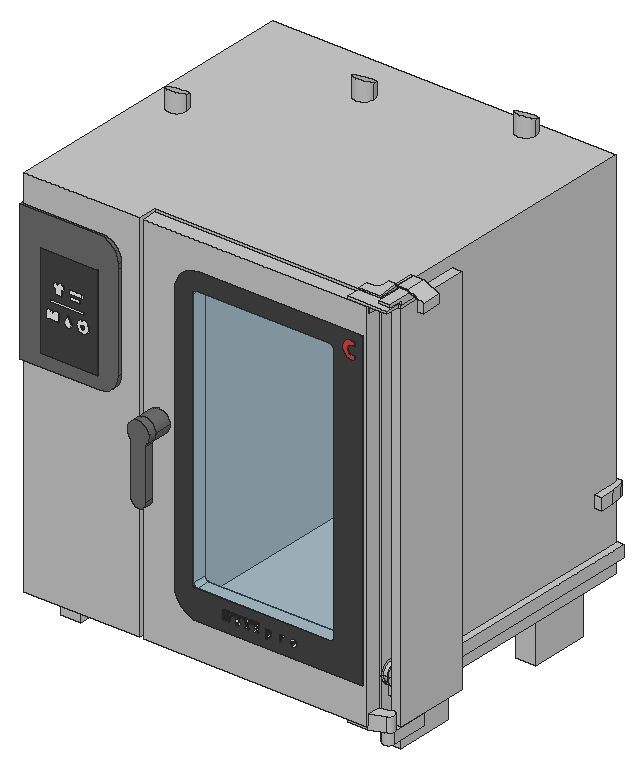
Revit family "QF_WELBILT-CONVOTHERM_CMX-PRO-ET-10-10-GS.240704053850", category Specialty Equipment, Revit 2020
Family settings
  Round Connector Dimension = Use Diameter
  Part Type = Normal
  OmniClass Number = 23.40.40.14
  OmniClass Title = Food Service Equipment
  Work Plane-Based = No
  Always vertical = Yes
  Cut with Voids When Loaded = No
  Shared = No
  Room Calculation Point = No
Parameters (values of type "CMX-PRO-ET-10-10-GS-DD_230V/1Ph/50Hz")
  Weight = 139.00 kg
  Waste Remarks [instance] = ""
  Volts = 230 V
  URL Cutsheet = ""
  URL = "www.convotherm.com"
  Status [instance] = ""
  Specification by User [instance] = ""
  Specification by Manufacturer [instance] = ""
  Serial Number = ""
  Seismic Rating = ""
  SMACNA No = ""
  Revision Code [instance] = ""
  Phase = 1
  Number of Poles = 1
  Nominal Gas power = 21000 W
  NAFEM Spec ID Number = ""
  Model = "CMX-PRO-ET-10-10-GS"
  Min Ckt Ampacity = 0 A
  Mechanical Connection Type [instance] = ""
  Max Overcurrent Protection = 0 A
  Masterspec = ""
  Manufacturer = "WELBILT-CONVOTHERM"
  Length Actual = 875 mm
  Item Number [instance] = ""
  Installed By [instance] = ""
  Indirect Waste Size = 50.8 mm
  Indirect Waste Connection Type [instance] = ""
  Indirect Waste Connection Height [instance] = 0 mm
  Identify Quantity as Lot [instance] = no
  Height Actual = 958 mm
  HP power = ""
  Gas power kW = 21
  Gas Size Flexible = 0 mm
  Gas Size = 19.05 mm
  Gas RI Height [instance] = 0 mm
  Gas Flow = 0.0 L/s
  Gas Connection Height [instance] = 0 mm
  Furnished By [instance] = ""
  Foodservice Equipment Identifier [instance] = no
  Filtered Water Supply Size = 19.05 mm
  Filtered Water RI Height [instance] = 0 mm
  Filtered Water Flow = 0.0 L/s
  Filtered Water Connection Height [instance] = 0 mm
  FL Amps = 2.3 A
  Electric power = 600 W
  Electric Connection Type [instance] = ""
  Elec Conn RI Height [instance] = 0 mm
  Elec Conn Connection Height [instance] = 0 mm
  Direct Waste RI Height [instance] = 0 mm
  Description = "COMBI OVEN MAXX PRO EASYTOUCH 10+1 SHELVES GN 1/1 - DISAPPEARING DOOR - GAS INJECTION"
  Depth Actual = 792 mm
  Default Elevation = 0 mm
  Cycle = 50 Hz
  Cost = 0
  Conn Plug = ""
  Conn Conduit = no
  Cold Water Temperature Recommended = 0 °C
  Cold Water Size = 19.05 mm
  Cold Water Flow = 0.0 L/s
  Cold Water Connection Height [instance] = 0 mm
  CSI MasterFormat = ""
  Apparent Power = 600 VA
  Accessory = no
Reference planes
  plane 1 "Center (Front/Back)": y = 0
  plane 2: z = 0
  plane 3 "Center (Left/Right)": x = 0
Forms (mm)
  Extrusion 1, solid, not visible
    sketch origin (114, -542, 102) x (1, 0, 0) y (0, 1, 0)
      loop
        line (0, 0) -> (2, 0) -> (2, 2) -> (0, 2) -> (0, 0)
    from 0 to 2
  Extrusion 2, solid, not visible
    sketch origin (509, -305, 102) x (1, 0, 0) y (0, 1, 0)
      loop
        line (0, 0) -> (2, 0) -> (2, 2) -> (0, 2) -> (0, 0)
    from 0 to 2
  Extrusion 3, solid, not visible
    sketch origin (69, -367, 102) x (1, 0, 0) y (0, 1, 0)
      loop
        line (0, 0) -> (2, 0) -> (2, 2) -> (0, 2) -> (0, 0)
    from 0 to 2
  Extrusion 4, solid, not visible
    sketch origin (69, -292, 102) x (1, 0, 0) y (0, 1, 0)
      loop
        line (0, 0) -> (2, 0) -> (2, 2) -> (0, 2) -> (0, 0)
    from 0 to 2
  Extrusion 5, solid, not visible
    sketch origin (154, -469, 102) x (1, 0, 0) y (0, 1, 0)
      loop
        line (0, 0) -> (2, 0) -> (2, 2) -> (0, 2) -> (0, 0)
    from 0 to 2
Dimensions and locks
  aligned and locked: level to plane 2
Nested families
  nested 1: "QF_WELBILT-CONVOTHERM_CMX-PRO-ET-10-10-GS-DD_230V_1Ph_50Hz" at (0, 0, 100), type "CMX-PRO-ET-10-10-GS-DD_230V/1Ph/50Hz"
    with Show Logo yes, Show Clearance yes
  nested 2: "QF_WELBILT-CONVOTHERM_LEGS-10-10" at (0, 0, 0), type "LEGS-10-10"
    with Show Logo yes, Show Clearance yes
Connectors
  electrical at (115, -541, 102), driven by "Apparent Power", driven by "Number of Poles", driven by "Volts"
    settings: on Extrusion 1, index 1, voltage 230 V, apparent load 0 VA, apparent load phase1 600 VA, apparent load phase2 0 VA, apparent load phase3 0 VA, power factor 1, load classification "Other", number of poles 1, system type 31, power factor state 1, is connector primary yes, connector utility no, sub classification motor no, connector description "Electric connection for 'CMX-PRO-ET-10-10-GS'"
  piping at (510, -304, 102), diameter 50.8, driven by "Indirect Waste Size"
    settings: on Extrusion 2, index 2, connector inside diameter 609.6 mm, connector length 0 mm, flow factor 0, pipe flow 0.0 L/s, pressure drop 0.0 Pa, fitting loss kfactor 0, connector angle 0.00°, fixture units 0, engagement length 0 mm, angle of deflection 0.00°, flow configuration 1, flow direction 2, fitting loss method 0, system type 16, joint type 0, gender type 0, connector reference index -1, connector utility 0, adjustable connector no, is connector primary yes, connector description "Drain connection for 'CMX-PRO-ET-10-10-GS'"
  piping at (70, -366, 102), diameter 19.05, driven by "Filtered Water Supply Size", driven by "Filtered Water Flow"
    settings: on Extrusion 3, index 3, connector inside diameter 609.6 mm, connector length 0 mm, flow factor 0, pipe flow 0.0 L/s, pressure drop 0.0 Pa, fitting loss kfactor 0, connector angle 0.00°, fixture units 0, engagement length 0 mm, angle of deflection 0.00°, flow configuration 1, flow direction 1, fitting loss method 0, system type 20, joint type 0, gender type 0, connector reference index -1, connector utility 0, adjustable connector no, is connector primary no, connector description "Cold Soft Water connection for 'CMX-PRO-ET-10-10-GS'"
  piping at (70, -291, 102), diameter 19.05, driven by "Cold Water Size", driven by "Cold Water Flow"
    settings: on Extrusion 4, index 4, connector inside diameter 609.6 mm, connector length 0 mm, flow factor 0, pipe flow 0.0 L/s, pressure drop 0.0 Pa, fitting loss kfactor 0, connector angle 0.00°, fixture units 0, engagement length 0 mm, angle of deflection 0.00°, flow configuration 1, flow direction 1, fitting loss method 0, system type 20, joint type 0, gender type 0, connector reference index -1, connector utility 0, adjustable connector no, is connector primary no, connector description "Cold Water connection for 'CMX-PRO-ET-10-10-GS'"
  piping at (155, -468, 102), diameter 19.05, driven by "Gas Size", driven by "Gas Flow"
    settings: on Extrusion 5, index 5, connector inside diameter 609.6 mm, connector length 0 mm, flow factor 0, pipe flow 0.0 L/s, pressure drop 0.0 Pa, fitting loss kfactor 0, connector angle 0.00°, fixture units 0, engagement length 0 mm, angle of deflection 0.00°, flow configuration 1, flow direction 1, fitting loss method 0, system type 22, joint type 0, gender type 0, connector reference index -1, connector utility 0, adjustable connector no, is connector primary no, connector description "Gas connection for 'CMX-PRO-ET-10-10-GS'"
Definition of nested family "QF_WELBILT-CONVOTHERM_CMX-PRO-ET-10-10-GS-DD_230V_1Ph_50Hz"
  Parameters (values of type "CMX-PRO-ET-10-10-GS-DD_230V/1Ph/50Hz")
    URL = "www.convotherm.com"
    Show Logo [instance] = yes
    Show Clearance [instance] = yes
    Model = "CMX-PRO-ET-10-10-GS"
    Manufacturer = "WELBILT-CONVOTHERM"
    Description = "COMBI OVEN MAXX PRO EASYTOUCH 10+1 SHELVES GN 1/1 - DISAPPEARING DOOR - GAS INJECTION"
    Default Elevation = 0 mm
    Assembly Code = "E1090320"
  Reference planes
    plane 1 "Back": y = 0
    plane 2: z = 0
    plane 3 "Left": x = 0
    plane 4 "Right": x = 875
    plane 5 "Front": y = -792
    plane 6 "Top": z = 958
  Forms (mm)
    Extrusion 1, solid
      sketch origin (0, 0, -126) x (0, 1, 0) y (0, 0, 1)
        loop
          line (0, 1084) -> (-69, 1084) -> (-69, 126) -> (0, 126) -> (0, 1084)
      from 0 to 875
    Extrusion 2, solid
      sketch origin (361, -205, -79.839) x (1, 0, 0) y (0, 0, 1)
        loop
          line (-56, 1037.839) -> (-56, 79.839) -> (514, 79.839) -> (514, 1037.839) -> (-56, 1037.839)
        loop
          arc (79, 921.839) -> (71.929, 918.91) -> (69, 911.839) r 10
          line (69, 911.839) -> (69, 251.839)
          arc (69, 251.839) -> (71.929, 244.768) -> (79, 241.839) r 10
          line (79, 241.839) -> (419, 241.839)
          arc (419, 241.839) -> (426.071, 244.768) -> (429, 251.839) r 10
          line (429, 251.839) -> (429, 911.839)
          arc (429, 911.839) -> (426.071, 918.91) -> (419, 921.839) r 10
          line (419, 921.839) -> (79, 921.839)
      from 550 to 587
    Extrusion 3, solid
      sketch origin (361, -195, -79.839) x (1, 0, 0) y (0, 0, 1)
        loop
          arc (79, 921.839) -> (71.929, 918.91) -> (69, 911.839) r 10
          line (69, 911.839) -> (69, 251.839)
          arc (69, 251.839) -> (71.929, 244.768) -> (79, 241.839) r 10
          line (79, 241.839) -> (419, 241.839)
          arc (419, 241.839) -> (426.071, 244.768) -> (429, 251.839) r 10
          line (429, 251.839) -> (429, 911.839)
          arc (429, 911.839) -> (426.071, 918.91) -> (419, 921.839) r 10
          line (419, 921.839) -> (79, 921.839)
      from 560 to 597
    Extrusion 4, solid
      sketch origin (588.754, 249.947, 323.45) x (1, 0, 0) y (0, 1, 0)
        loop
          circle (88.246, -288.147) r 25
      from 634.55 to 684.55
    Extrusion 5, solid, visible <- "Show Logo"
      sketch origin (348.278, -191.7, 413.31) x (1, 0, 0) y (0, 0, 1)
        loop
          line (496.472, 442.836) -> (496.472, 452.836)
          arc (496.472, 452.836) -> (465.307, 432.836) -> (496.472, 412.836) r 22
          line (496.472, 412.836) -> (496.472, 422.836)
          arc (496.472, 422.836) -> (477.839, 432.836) -> (496.472, 442.836) r 12
      from 599 to 601
    Extrusion 6, void
      sketch origin (545, 27.8, 331) x (0, 1, 0) y (0, 0, 1)
        loop
          line (-40.997, 682) -> (-101.661, 682) -> (-40.997, 653.55) -> (-40.997, 682)
      from 106.55 to 160
    Extrusion 7, solid
      sketch origin (0, -794, -100) x (-1, 0, 0) y (0, 0, 1)
        loop
          line (0, 1058) -> (-295, 1058) -> (-295, 100) -> (0, 100) -> (0, 1058)
      from 2 to 49
    Extrusion 8, solid
      sketch origin (0, -792.5, -100) x (-1, 0, 0) y (0, 0, 1)
        loop
          line (-863, 987.8) -> (-863, 188.2) -> (-446.2, 188.2)
          arc (-446.2, 188.2) -> (-402.359, 206.359) -> (-384.2, 250.2) r 62
          line (-384.2, 250.2) -> (-384.2, 925.753)
          arc (-384.2, 925.753) -> (-402.373, 969.627) -> (-446.247, 987.8) r 62.047
          line (-446.247, 987.8) -> (-863, 987.8)
        loop
          arc (-780, 942) -> (-787.071, 939.071) -> (-790, 932) r 10
          line (-790, 932) -> (-790, 272)
          arc (-790, 272) -> (-787.071, 264.929) -> (-780, 262) r 10
          line (-780, 262) -> (-440, 262)
          arc (-440, 262) -> (-432.929, 264.929) -> (-430, 272) r 10
          line (-430, 272) -> (-430, 932)
          arc (-430, 932) -> (-432.929, 939.071) -> (-440, 942) r 10
          line (-440, 942) -> (-780, 942)
      from 0 to 2
    Extrusion 9, solid
      sketch origin (-428.638, -218.526, 400.029) x (0, 0, 1) y (-1, 0, 0)
        loop
          line (406.44, -478.638) -> (166.44, -478.638) -> (166.44, -623.042) -> (406.44, -623.042) -> (406.44, -478.638)
      from 580.124 to 582.124
    Extrusion 10, solid
      sketch origin (-39.218, -798.85, -1159.646) x (0, 0, -1) y (1, 0, 0)
        loop
          circle (-1823.457, 196.933) r 15
        loop
          circle (-1823.457, 196.933) r 5
        loop
          line (-1832, 105.461) -> (-1812, 105.461)
          arc (-1812, 105.461) -> (-1814.476, 112.961) -> (-1812, 120.461) r 12.599
          arc (-1812, 120.461) -> (-1814.331, 127.961) -> (-1812, 135.461) r 13.23
          line (-1812, 135.461) -> (-1832, 135.461)
          arc (-1832, 135.461) -> (-1833.917, 127.433) -> (-1829.5, 120.461) r 10.608
          arc (-1829.5, 120.461) -> (-1833.694, 113.452) -> (-1832, 105.461) r 11.176
        loop
          line (-1886.763, 126.478) -> (-1874.888, 126.478) -> (-1874.888, 143.353) -> (-1886.763, 143.353)
          arc (-1886.763, 143.353) -> (-1899.276, 145.695) -> (-1897.911, 133.038) r 7.931
          arc (-1897.911, 133.038) -> (-1896.65, 122.428) -> (-1886.763, 126.478) r 6.712
        loop
          line (-1897.084, 162.209) -> (-1887.084, 162.209) -> (-1887.084, 194.695) -> (-1897.084, 194.695) -> (-1897.084, 162.209)
        loop
          line (-1881.943, 166.339) -> (-1874.888, 166.339) -> (-1874.888, 189.464) -> (-1881.943, 189.464) -> (-1881.943, 166.339)
        loop
          line (-1857.166, 113.206) -> (-1852.166, 113.206) -> (-1852.166, 198.206) -> (-1857.166, 198.206) -> (-1857.166, 113.206)
        loop
          line (-1837.069, 158.906) -> (-1821.106, 151.462)
          arc (-1821.106, 151.462) -> (-1809.423, 158.906) -> (-1821.106, 166.349) r 8.213
          line (-1821.106, 166.349) -> (-1837.069, 158.906)
      from 0 to 2
    Extrusion 11, solid
      sketch origin (-16.246, -106.853, 323.45) x (1, 0, 0) y (0, 1, 0)
        loop
          circle (88.246, -288.147) r 25
      from 634.55 to 684.55
    Extrusion 12, void
      sketch origin (-60, -329, 331) x (0, 1, 0) y (0, 0, 1)
        loop
          line (-40.997, 682) -> (-101.661, 682) -> (-40.997, 653.55) -> (-40.997, 682)
      from 106.55 to 160
    Extrusion 13, solid, visible <- "Show Clearance", detail levels coarse
      sketch origin (-1, 2, -100) x (1, 0, 0) y (0, 1, 0)
        loop
          line (876, -794) -> (306, -794)
          arc (306, -794) -> (457.397, -1182.965) -> (833, -1365) r 571
          line (833, -1365) -> (876, -1365) -> (876, -794)
      from 100 to 1058
    Extrusion 14, solid, visible <- "Show Clearance", detail levels coarse
      sketch origin (0, 0, 798.837) x (1, 0, 0) y (0, 1, 0)
        loop
          line (925, 50) -> (-50, 50) -> (-50, -792) -> (0, -792) -> (0, 0) -> (875, 0) -> (875, -792) -> (925, -792) -> (925, 50)
      from -798.837 to 159.163
    Extrusion 15, solid
      sketch origin (334.711, -227, 222.4) x (1, 0, 0) y (0, 0, 1)
        loop
          arc (-10.176, 136.991) -> (9.289, 117.635) -> (28.753, 136.991) r 19.465
          line (28.753, 136.991) -> (28.753, 265.447)
          arc (28.753, 265.447) -> (29.337, 268.813) -> (31.019, 271.786) r 9.998
          arc (31.019, 271.786) -> (9.289, 317.699) -> (-12.442, 271.786) r 28.099
          arc (-12.442, 271.786) -> (-10.759, 268.813) -> (-10.176, 265.447) r 9.998
          line (-10.176, 265.447) -> (-10.176, 136.991)
      from 611 to 630
    Extrusion 16, solid
      sketch origin (309.711, -200, 219.109) x (1, 0, 0) y (0, 0, 1)
        loop
          circle (34.289, 292.891) r 28.099
      from 592 to 638
    Extrusion 17, solid
      sketch origin (0, -794.2, 196) x (-1, 0, 0) y (0, 0, 1)
        loop
          line (4, 692) -> (-199.45, 692)
          arc (-199.45, 692) -> (-233.073, 678.073) -> (-247, 644.45) r 47.55
          line (-247, 644.45) -> (-247, 632) -> (-247, 386.55)
          arc (-247, 386.55) -> (-233.073, 352.927) -> (-199.45, 339) r 47.55
          line (-199.45, 339) -> (4, 339) -> (4, 692)
      from -5.45 to 30.55
    Extrusion 18, solid, visible <- "Show Logo"
      sketch origin (-20, -793, 0) x (-1, 0, 0) y (0, 0, 1)
        loop
          line (-528.137, 127.552) -> (-530.011, 127.552) -> (-530.348, 126.074)
          arc (-530.348, 126.074) -> (-533.867, 127.761) -> (-537.387, 126.074) r 4.515
          arc (-537.387, 126.074) -> (-541.947, 127.505) -> (-544.743, 123.629) r 4.084
          line (-544.743, 123.629) -> (-544.743, 116.284) -> (-542.349, 116.284) -> (-542.349, 123.232)
          arc (-542.349, 123.232) -> (-539.99, 125.59) -> (-537.632, 123.232) r 2.358
          line (-537.632, 123.232) -> (-537.632, 116.284) -> (-535.228, 116.284) -> (-535.228, 123.232)
          arc (-535.228, 123.232) -> (-532.879, 125.58) -> (-530.531, 123.232) r 2.348
          line (-530.531, 123.232) -> (-530.531, 116.284) -> (-528.137, 116.284) -> (-528.137, 127.552)
        loop
          arc (-560.96, 126.777) -> (-563.601, 127.667) -> (-566.387, 127.637) r 8.338
          arc (-566.387, 127.637) -> (-568.587, 126.318) -> (-569.365, 123.874) r 3.628
          line (-569.365, 123.874) -> (-569.365, 116.284) -> (-567.653, 116.284) -> (-567.175, 117.853)
          arc (-567.175, 117.853) -> (-565.463, 116.5) -> (-563.335, 116.017) r 4.933
          arc (-563.335, 116.017) -> (-560.862, 117.042) -> (-559.838, 119.515) r 3.498
          arc (-559.838, 119.515) -> (-560.769, 121.724) -> (-562.869, 122.881) r 3.655
          arc (-562.869, 122.881) -> (-564.937, 123.13) -> (-567.021, 123.172) r 20.914
          arc (-567.021, 123.172) -> (-566.618, 125.022) -> (-564.92, 125.86) r 2.182
          arc (-564.92, 125.86) -> (-563.277, 125.666) -> (-561.734, 125.066) r 6.53
          line (-561.734, 125.066) -> (-560.96, 126.777)
        loop
          line (-566.971, 121.663) -> (-566.971, 120.653)
          arc (-566.971, 120.653) -> (-565.555, 118.263) -> (-562.778, 118.357) r 2.725
          arc (-562.778, 118.357) -> (-562.249, 119.77) -> (-563.061, 121.043) r 1.69
          arc (-563.061, 121.043) -> (-563.851, 121.394) -> (-564.704, 121.544) r 3.557
          line (-564.704, 121.544) -> (-566.971, 121.663)
        loop
          line (-583.952, 127.552) -> (-586.682, 127.552) -> (-589.25, 123.609) -> (-591.837, 127.552) -> (-594.547, 127.552) -> (-590.757, 122.04) -> (-594.741, 116.284) -> (-592.031, 116.284) -> (-589.25, 120.502) -> (-586.479, 116.284) -> (-583.769, 116.284) -> (-587.732, 122.04) -> (-583.952, 127.552)
        loop
          line (-607.963, 127.552) -> (-610.693, 127.552) -> (-613.26, 123.609) -> (-615.848, 127.552) -> (-618.558, 127.552) -> (-614.768, 122.04) -> (-618.752, 116.284) -> (-616.042, 116.284) -> (-613.26, 120.502) -> (-610.489, 116.284) -> (-607.779, 116.284) -> (-611.742, 122.04) -> (-607.963, 127.552)
        loop
          line (-636.435, 132.059) -> (-639.145, 132.059) -> (-639.689, 130.03)
          arc (-639.689, 130.03) -> (-644.361, 132.339) -> (-649.091, 130.15) r 6.037
          arc (-649.091, 130.15) -> (-650.678, 124.151) -> (-649.091, 118.152) r 12.127
          arc (-649.091, 118.152) -> (-644.439, 115.999) -> (-639.787, 118.152) r 6.101
          line (-639.787, 118.152) -> (-639.787, 109.266) -> (-636.435, 109.266) -> (-636.435, 132.059)
        loop
          arc (-640.707, 128.436) -> (-643.521, 129.607) -> (-646.244, 128.239) r 3.656
          arc (-646.244, 128.239) -> (-647.304, 124.134) -> (-646.244, 120.028) r 8.478
          arc (-646.244, 120.028) -> (-643.478, 118.728) -> (-640.707, 120.019) r 3.605
          arc (-640.707, 120.019) -> (-639.746, 124.228) -> (-640.707, 128.436) r 9.697
        loop
          line (-672.161, 132.059) -> (-674.786, 132.059) -> (-675.228, 129.277)
          arc (-675.228, 129.277) -> (-678.007, 131.919) -> (-681.831, 132.201) r 5.699
          line (-681.831, 132.201) -> (-681.499, 129.039)
          arc (-681.499, 129.039) -> (-677.382, 128.276) -> (-675.513, 124.528) r 4.693
          line (-675.513, 124.528) -> (-675.513, 116.284) -> (-672.161, 116.284) -> (-672.161, 132.059)
        loop
          arc (-701.668, 128.856) -> (-708.102, 132.336) -> (-714.536, 128.856) r 7.688
          arc (-714.536, 128.856) -> (-715.716, 123.509) -> (-713.81, 118.375) r 9.693
          arc (-713.81, 118.375) -> (-708.258, 115.93) -> (-702.705, 118.375) r 7.526
          arc (-702.705, 118.375) -> (-700.886, 123.487) -> (-701.668, 128.856) r 11.265
        loop
          arc (-705.156, 128.208) -> (-708.205, 129.601) -> (-711.253, 128.208) r 4.032
          arc (-711.253, 128.208) -> (-712.176, 124.281) -> (-711.253, 120.354) r 8.822
          arc (-711.253, 120.354) -> (-708.251, 118.678) -> (-705.156, 120.174) r 3.725
          arc (-705.156, 120.174) -> (-704.233, 124.191) -> (-705.156, 128.208) r 9.2
        loop
          arc (-532.682, 137.519) -> (-530.724, 137.866) -> (-529.296, 136.484) r 2.184
          arc (-529.296, 136.484) -> (-529.141, 134.97) -> (-529.666, 133.541) r 3.38
          arc (-529.666, 133.541) -> (-531.195, 132.902) -> (-532.824, 133.209) r 2.886
          line (-532.824, 133.209) -> (-532.824, 132.27)
          arc (-532.824, 132.27) -> (-530.712, 132.004) -> (-528.755, 132.842) r 4.064
          arc (-528.755, 132.842) -> (-527.999, 134.996) -> (-528.348, 137.252) r 4.701
          arc (-528.348, 137.252) -> (-530.48, 138.773) -> (-533.076, 138.431) r 3.573
          line (-533.076, 138.431) -> (-532.682, 137.519)
        loop
          arc (-537.479, 137.982) -> (-539.805, 138.908) -> (-542.133, 137.986) r 3.392
          arc (-542.133, 137.986) -> (-542.922, 135.429) -> (-542.133, 132.872) r 4.538
          arc (-542.133, 132.872) -> (-539.818, 131.941) -> (-537.495, 132.853) r 3.378
          arc (-537.495, 132.853) -> (-536.706, 135.415) -> (-537.479, 137.982) r 4.603
        loop
          arc (-538.327, 137.294) -> (-539.797, 137.948) -> (-541.273, 137.306) r 1.999
          arc (-541.273, 137.306) -> (-541.786, 135.426) -> (-541.273, 133.546) r 3.701
          arc (-541.273, 133.546) -> (-539.8, 132.933) -> (-538.327, 133.544) r 2.078
          arc (-538.327, 133.544) -> (-537.877, 135.419) -> (-538.327, 137.294) r 4.129
        loop
          line (-547.292, 138.766) -> (-548.621, 138.766) -> (-551.871, 133.511) -> (-551.871, 138.766) -> (-552.875, 138.766) -> (-552.875, 132.063) -> (-551.532, 132.063) -> (-548.286, 137.265) -> (-548.286, 132.063) -> (-547.292, 132.063) -> (-547.292, 138.766)
        loop
          line (-556.671, 138.766) -> (-557.799, 138.766) -> (-559.583, 133.448) -> (-561.375, 138.766) -> (-562.512, 138.766) -> (-560.164, 132.063) -> (-559.009, 132.063) -> (-556.671, 138.766)
        loop
          arc (-566.711, 137.982) -> (-569.038, 138.908) -> (-571.366, 137.986) r 3.392
          arc (-571.366, 137.986) -> (-572.155, 135.429) -> (-571.366, 132.872) r 4.538
          arc (-571.366, 132.872) -> (-569.051, 131.941) -> (-566.727, 132.853) r 3.378
          arc (-566.727, 132.853) -> (-565.939, 135.415) -> (-566.711, 137.982) r 4.603
        loop
          arc (-567.56, 137.294) -> (-569.03, 137.948) -> (-570.505, 137.306) r 1.999
          arc (-570.505, 137.306) -> (-571.019, 135.426) -> (-570.505, 133.546) r 3.701
          arc (-570.505, 133.546) -> (-569.033, 132.933) -> (-567.56, 133.544) r 2.078
          arc (-567.56, 133.544) -> (-567.109, 135.419) -> (-567.56, 137.294) r 4.129
        loop
          line (-577.456, 137.826) -> (-575.485, 137.826) -> (-575.485, 138.766) -> (-580.523, 138.766) -> (-580.523, 137.826) -> (-578.552, 137.826) -> (-578.552, 132.063) -> (-577.456, 132.063) -> (-577.456, 137.826)
        loop
          line (-584.461, 138.766) -> (-585.556, 138.766) -> (-585.556, 136.024) -> (-588.646, 136.024) -> (-588.646, 138.766) -> (-589.747, 138.766) -> (-589.747, 132.063) -> (-588.646, 132.063) -> (-588.646, 135.084) -> (-585.556, 135.084) -> (-585.556, 132.063) -> (-584.461, 132.063) -> (-584.461, 138.766)
        loop
          line (-598.044, 136.015) -> (-598.044, 135.098) -> (-595.518, 135.098) -> (-595.518, 132.994) -> (-598.214, 132.994) -> (-598.214, 132.063) -> (-594.423, 132.063) -> (-594.423, 138.766) -> (-598.214, 138.766) -> (-598.214, 137.84) -> (-595.518, 137.84) -> (-595.518, 136.015) -> (-598.044, 136.015)
        loop
          line (-602.573, 138.766) -> (-604.466, 138.766)
          arc (-604.466, 138.766) -> (-605.459, 138.644) -> (-606.393, 138.285) r 4.104
          arc (-606.393, 138.285) -> (-606.983, 136.462) -> (-605.709, 135.029) r 1.929
          line (-605.709, 135.029) -> (-607.602, 132.063) -> (-606.355, 132.063) -> (-604.751, 134.741) -> (-603.669, 134.741) -> (-603.669, 132.063) -> (-602.573, 132.063) -> (-602.573, 138.766)
        loop
          line (-603.669, 137.84) -> (-604.805, 137.84)
          arc (-604.805, 137.84) -> (-605.901, 136.744) -> (-604.805, 135.648) r 1.096
          line (-604.805, 135.648) -> (-603.669, 135.648) -> (-603.669, 137.84)
        loop
          line (-611.485, 138.766) -> (-613.03, 138.766) -> (-614.905, 133.395) -> (-616.835, 138.766) -> (-618.384, 138.766) -> (-618.384, 132.063) -> (-617.33, 132.063) -> (-617.33, 137.563) -> (-615.349, 132.063) -> (-614.382, 132.063) -> (-612.48, 137.543) -> (-612.48, 132.063) -> (-611.485, 132.063) -> (-611.485, 138.766)
      from 0 to 2
    Extrusion 19, solid
      sketch origin (245.004, 162.947, 323.45) x (1, 0, 0) y (0, 1, 0)
        loop
          circle (88.246, -288.147) r 25
      from 634.55 to 684.55
    Extrusion 20, void
      sketch origin (201.25, -59.2, 331) x (0, 1, 0) y (0, 0, 1)
        loop
          line (-40.997, 682) -> (-101.661, 682) -> (-40.997, 653.55) -> (-40.997, 682)
      from 106.55 to 160
    Extrusion 21, solid
      sketch origin (0, -792, 0) x (-1, 0, 0) y (0, 0, 1)
        loop
          line (0, 958) -> (-875, 958) -> (-875, 0) -> (0, 0) -> (0, 958)
        loop
          line (-325, 928) -> (-845, 928) -> (-845, 30) -> (-325, 30) -> (-325, 928)
      from 47 to 723
    Extrusion 22, solid
      sketch origin (0, -792, 0) x (-1, 0, 0) y (0, 0, 1)
        loop
          line (-815.5, 958) -> (-815.5, 961) -> (-872, 961) -> (-892.891, 985.896) -> (-925.376, 985.896) -> (-965.082, 967.381) -> (-965.082, 944.661) -> (-949.941, 944.661) -> (-949.941, 971.131) -> (-924.711, 982.896) -> (-894.29, 982.896) -> (-873.399, 958) -> (-815.5, 958)
      from 47 to 116.999
    Extrusion 23, solid
      sketch origin (0, 0, 0) x (0, 1, 0) y (0, 0, 1)
        loop
          line (-547.75, 948.3) -> (-741.75, 948.3) -> (-741.75, -6.7) -> (-547.75, -6.7) -> (-547.75, 948.3)
      from 898.5 to 920.5
    Extrusion 24, solid
      sketch origin (0, 0, 0) x (0, 1, 0) y (0, 0, 1)
        loop
          line (0, 75) -> (-729, 75) -> (-729, 45) -> (0, 45) -> (0, 75)
      from 880 to 895
    Extrusion 25, solid
      sketch origin (0, 0, 0) x (1, 0, 0) y (0, 1, 0)
        loop
          line (875, -70.5) -> (895, -70.5) -> (895, -32.5) -> (889.343, -0.416)
          arc (889.343, -0.416) -> (885.239, 6.693) -> (877.525, 9.5) r 12
          line (877.525, 9.5) -> (862, 9.5) -> (862, 0) -> (875, 0) -> (875, -70.5)
      from 182.6 to 212.6
    Extrusion 26, solid
      sketch origin (0, -792, 0) x (-1, 0, 0) y (0, 0, 1)
        loop
          line (-824, 958) -> (-824, 964) -> (-924, 964) -> (-924, 958) -> (-880, 958) -> (-880, 944.5) -> (-875, 944.5) -> (-875, 958) -> (-824, 958)
      from 2 to 36.25
    Extrusion 27, solid
      sketch origin (0, 0, 0) x (0, 1, 0) y (0, 0, 1)
        loop
          line (-741.75, 968.3) -> (-741.75, 958) -> (-675.001, 958) -> (-675.001, 974.3) -> (-779.75, 974.3) -> (-779.75, 968.3) -> (-741.75, 968.3)
      from 894 to 924.046
    Extrusion 28, solid
      sketch origin (0, 0, 0) x (1, 0, 0) y (0, 1, 0)
        loop
          line (920.5, -741.75) -> (920.5, -670.75) -> (900.751, -670.75) -> (900.751, -725) -> (875, -725) -> (875, -741.75) -> (920.5, -741.75)
      from 948.3 to 958
    Extrusion 29, solid
      sketch origin (0, 0, 0) x (1, 0, 0) y (0, 1, 0)
        loop
          circle (909, -766.875) r 5
      from 964 to 968.3
    Revolve 30, solid
      sketch origin (0, -150, 95.8) x (1, 0, 0) y (0, 1, 0)
        loop
          line (898.5, -569.75) -> (898.5, -549.75) -> (895.6, -549.75) -> (895.6, -554.75) -> (893.25, -554.75) -> (893.25, -542.25) -> (891.25, -542.25) -> (891.25, -546.65) -> (876.25, -546.65) -> (876.25, -542.25) -> (875, -542.25) -> (875, -569.75) -> (898.5, -569.75)
        axis (875, -569.75) -> (898.5, -569.75)
      angle from 0 to 360
    Extrusion 31, solid
      sketch origin (0, 0, 0) x (1, 0, 0) y (0, 1, 0)
        loop
          line (923, -670.75) -> (895, -670.75) -> (895, -764.75)
          arc (895, -764.75) -> (909, -778.75) -> (923, -764.75) r 14
          line (923, -764.75) -> (923, -670.75)
      from -35.7 to -7.5
    Extrusion 32, solid
      sketch origin (0, 0, 0) x (1, 0, 0) y (0, 1, 0)
        loop
          line (824, -757.5) -> (824, -790) -> (875, -790) -> (913.123, -778.129)
          arc (913.123, -778.129) -> (922.516, -761.254) -> (906.118, -751.05) r 14.002
          line (906.118, -751.05) -> (875, -757.5) -> (824, -757.5)
      from -8 to 28.2
    Revolve 33, solid
      sketch origin (0, 0, 19.3) x (1, 0, 0) y (0, 1, 0)
        loop
          line (898.5, -569.75) -> (898.5, -549.75) -> (895.6, -549.75) -> (895.6, -554.75) -> (893.25, -554.75) -> (893.25, -542.25) -> (891.25, -542.25) -> (891.25, -546.65) -> (876.25, -546.65) -> (876.25, -542.25) -> (875, -542.25) -> (875, -569.75) -> (898.5, -569.75)
        axis (875, -569.75) -> (898.5, -569.75)
      angle from 0 to 360
    Extrusion 34, solid
      sketch origin (0, -792, 0) x (-1, 0, 0) y (0, 0, 1)
        loop
          line (-880, 69) -> (-880, 51) -> (-875, 51) -> (-875, 69) -> (-880, 69)
      from 727.62 to 745.62
    Extrusion 35, solid
      sketch origin (0, -952.5, 0) x (-1, 0, 0) y (0, 0, 1)
        loop
          line (-880, 69) -> (-880, 51) -> (-875, 51) -> (-875, 69) -> (-880, 69)
      from 727.62 to 745.62
    Extrusion 36, solid
      sketch origin (0, -1113, 0) x (-1, 0, 0) y (0, 0, 1)
        loop
          line (-880, 69) -> (-880, 51) -> (-875, 51) -> (-875, 69) -> (-880, 69)
      from 727.62 to 745.62
    Extrusion 37, solid
      sketch origin (0, -1273.5, 0) x (-1, 0, 0) y (0, 0, 1)
        loop
          line (-880, 69) -> (-880, 51) -> (-875, 51) -> (-875, 69) -> (-880, 69)
      from 727.62 to 745.62
    Extrusion 38, solid
      sketch origin (0, -1434, 0) x (-1, 0, 0) y (0, 0, 1)
        loop
          line (-880, 69) -> (-880, 51) -> (-875, 51) -> (-875, 69) -> (-880, 69)
      from 727.62 to 745.62
    Extrusion 39, void
      sketch origin (0, 0, 0) x (1, 0, 0) y (0, 1, 0)
        loop
          arc (830.5, -720) -> (841.107, -715.607) -> (845.5, -705) r 15
          line (845.5, -705) -> (845.5, -687) -> (871.828, -687) -> (892.161, -675.001) -> (965.082, -675.001) -> (965.082, -665.001) -> (815.5, -665.001) -> (815.5, -720) -> (830.5, -720)
        loop
          line (870.756, -745) -> (965.082, -745) -> (965.082, -725) -> (893.235, -725) -> (870.756, -745)
      from 944.661 to 985.896
  Cuts and joins
    Extrusion 6, Extrusion 12, Extrusion 20 cuts Extrusion 4
    Extrusion 12 cuts Extrusion 11
    Extrusion 20 cuts Extrusion 19
    joined: Extrusion 15, Extrusion 16
    joined: Extrusion 1, Extrusion 7, Extrusion 21
    Extrusion 39 cuts Extrusion 22
  Lines and regions (mm)
    symbolic lines
      curve 1: line (875, 0, 0) -> (0, 0, 0)
      curve 2: line (0, 0, 0) -> (0, -792, 0)
      curve 3: circle (72, -394.972, 0) r 25 normal (0, 0, 1)
      curve 4: circle (677, -38.172, 0) r 25 normal (0, 0, 1)
      curve 5: line (875, 0, 0) -> (875, -792, 0)
      curve 6: line (875, -792, 0) -> (0, -792, 0)
      curve 7: line (316, -857, 0) -> (372.103, -857, 0)
      curve 8: line (372.103, -857, 0) -> (372.103, -792, 0)
      curve 9: line (316, -857, 0) -> (316, -792, 0)
      curve 10: line (295, -792, 0) -> (295, -745, 0)
      curve 11: line (295, -745, 0) -> (875, -745, 0)
      curve 19: circle (333.25, -125.2, 0) r 25 normal (0, 0, 1)
      curve 20: line (-4, -763.65, 0) -> (0, -763.65, 0)
      curve 21: line (-4, -763.65, 0) -> (-4, -799.65, 0)
      curve 22: line (-4, -799.65, 0) -> (247, -799.65, 0)
      curve 23: line (247, -799.65, 0) -> (247, -792, 0)
      curve 24: line (305, -745, 0) -> (305, -792, 0)
      curve 28: line (965.082, -725, 0) -> (965.082, -675.001, 0)
      curve 29: line (965.082, -675.001, 0) -> (892.161, -675.001, 0)
      curve 30: line (965.082, -725, 0) -> (893.235, -725, 0)
      curve 31: line (875, -790, 0) -> (924, -790, 0)
      curve 32: line (924, -790, 0) -> (924, -725, 0)
      curve 33: line (894, -779.75, 0) -> (894, -725, 0)
      curve 34: line (894, -779.75, 0) -> (924, -779.75, 0)
      curve 35: line (894, -755.669, 0) -> (875, -755.669, 0)
      curve 36: line (895, 0, 0) -> (895, -675.001, 0)
      curve 37: line (920.5, -547.75, 0) -> (895, -547.75, 0)
      curve 38: line (920.5, -547.75, 0) -> (920.5, -675.001, 0)
      curve 39: line (862, 0, 0) -> (862, 9.5, 0)
      curve 40: line (862, 9.5, 0) -> (877.525, 9.5, 0)
      curve 41: arc (889.343, -0.416, 0) -> (885.239, 6.693, 0) -> (877.525, 9.5, 0) r 12
      curve 42: line (895, -32.5, 0) -> (889.343, -0.416, 0)
      curve 43: line (895, 0, 0) -> (889.267, 0, 0)
      curve 44: line (895, -70.5, 0) -> (875, -70.5, 0)
      curve 45: line (892.161, -675.001, 0) -> (875, -685.128, 0)
      curve 46: line (893.235, -725, 0) -> (875, -741.224, 0)
    symbolic lines, visible <- "Show Clearance"
      curve 12: line (875, -792, 0) -> (875, -1363, 0)
      curve 13: line (875, -1363, 0) -> (832, -1363, 0)
      curve 14: arc (832, -1363, 0) -> (456.397, -1180.965, 0) -> (305, -792, 0) r 571
      curve 15: line (-50, -792, 0) -> (-50, 50, 0)
      curve 16: line (-50, 50, 0) -> (925, 50, 0)
      curve 17: line (925, -792, 0) -> (925, 50, 0)
      curve 18: line (832, -792, 0) -> (832, -1363, 0)
      curve 25: line (940, -1352, 0) -> (940, -1295.897, 0)
      curve 26: line (940, -1295.897, 0) -> (875, -1295.897, 0)
      curve 27: line (940, -1352, 0) -> (875, -1352, 0)
  Dimensions and locks
    plane 5 "Front" to plane 1 "Back" = 792 mm
    plane 6 "Top" to level = 958 mm
    plane 4 "Right" to plane 3 "Left" = 875 mm
    plane 1 "Back" to plane 5 "Front" = 792 mm
    plane 3 "Left" to plane 4 "Right" = 875 mm
    aligned and locked: level to plane 2
Definition of nested family "QF_WELBILT-CONVOTHERM_LEGS-10-10"
  Parameters (values of type "LEGS-10-10")
    Weight [instance] = 0.00 kg
    URL Cutsheet [instance] = ""
    URL = "www.welbilt-convotherm.com"
    Status [instance] = ""
    Specification by User [instance] = ""
    Specification by Manufacturer [instance] = ""
    Show Logo [instance] = yes
    Show Clearance [instance] = yes
    Serial Number [instance] = ""
    Seismic Rating [instance] = ""
    SMACNA No [instance] = ""
    Revision Code [instance] = ""
    NAFEM Spec ID Number [instance] = ""
    Model = "LEGS"
    Masterspec [instance] = ""
    Manufacturer = "WELBILT-CONVOTHERM"
    Length Actual [instance] = 0 mm
    Installed By [instance] = ""
    Identify Quantity as Lot [instance] = no
    Height Actual [instance] = 100 mm
    Furnished By [instance] = ""
    Foodservice Equipment Identifier [instance] = no
    Description = "LEGS 10.10"
    Depth Actual [instance] = 0 mm
    Default Elevation = 0 mm
    Cost = 0
    CSI MasterFormat [instance] = ""
    Assembly Code = "E1090320"
    Accessory [instance] = yes
  Reference planes
    plane 1 "Back": y = 0
    plane 2: z = 0
    plane 3 "Left": x = 0
    plane 4 "Right": x = 876
    plane 5 "Front": y = -794
    plane 6 "Top": z = 100
  Forms (mm)
    Extrusion 1, solid
      sketch origin (0, -251, 0) x (-1, 0, 0) y (0, 0, 1)
        loop
          line (-4, 100) -> (-55, 100) -> (-55, 0) -> (-4, 0) -> (-4, 100)
      from 0 to 150
    Extrusion 2, solid
      sketch origin (0, -681, 0) x (-1, 0, 0) y (0, 0, 1)
        loop
          line (-4, 100) -> (-55, 100) -> (-55, 0) -> (-4, 0) -> (-4, 100)
      from 0 to 150
    Extrusion 3, solid
      sketch origin (817, -251, 0) x (-1, 0, 0) y (0, 0, 1)
        loop
          line (-4, 100) -> (-55, 100) -> (-55, 0) -> (-4, 0) -> (-4, 100)
      from 0 to 150
    Extrusion 4, solid
      sketch origin (817, -681, 0) x (-1, 0, 0) y (0, 0, 1)
        loop
          line (-4, 100) -> (-55, 100) -> (-55, 0) -> (-4, 0) -> (-4, 100)
      from 0 to 150
  Dimensions and locks
    plane 5 "Front" to plane 1 "Back" = 794 mm
    plane 6 "Top" to level = 100 mm
    plane 4 "Right" to plane 3 "Left" = 876 mm
    plane 1 "Back" to plane 5 "Front" = 794 mm
    aligned and locked: level to plane 2
